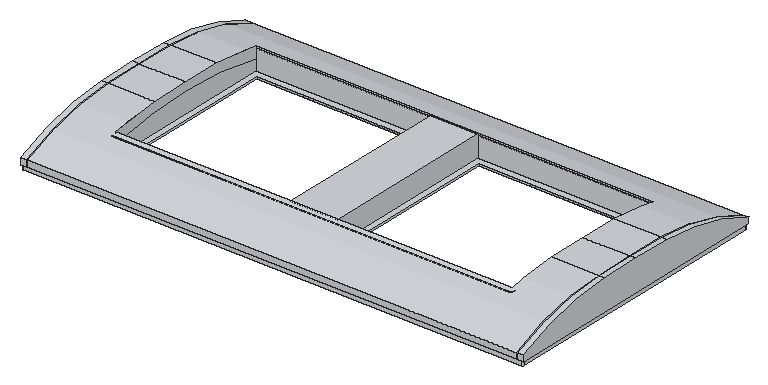
Revit family "Gira_021281", category Electrical Fixtures, host Face, Revit 2017
Family settings
  Host = Face
  Maintain Annotation Orientation = No
  Round Connector Dimension = Use Diameter
  Part Type = Normal
  Cut with Voids When Loaded = No
  Shared = No
  Room Calculation Point = No
Parameters (values of type "Cov.fr. 2-g interm.fr. CAl Gira Event anthra.")
  With mounting grid = "No"
  With hinged lid = "No"
  URL = "http://katalog.gira.de/en/datenblatt.html?artikelnr=021281"
  Type of fastening = "Clamp mounting"
  Transparent = "No"
  Surface protection = "Other"
  Suitable for wall duct = "No"
  Suitable for flush-mounted installation = "Yes"
  Suitable for floor box = "No"
  Suitable for built-in installation = "No"
  Number of units vertical = "2"
  Number of units horizontal = "2"
  Number of units = "2"
  Name = "Cov.fr. 2-g interm.fr. CAl Gira Event anthra."
  Mounting direction = "Horizontal and vertical"
  Material quality = "Thermoplastic"
  Material = "Plastic"
  Manufacturer URL = "https://www.gira.de/"
  Manufacturer = "Gira"
  Label space/information surface = "No"
  Keynote = ""
  HeinzeBIM = "https://bimportal.heinze.de/bim/cov-fr-2-g-interm-fr-cal-gira-event-anthra-/cb81acea35296e33381067339e9f22ec922eac8d"
  Halogen free = "Yes"
  HAN = "021281"
  GTIN = "4010337212812"
  Description = "Cov.fr.2g i.fr.CAl Event AN,Gira Event frames,anthracite with colour aluminium intermediate frame,2-gang,Features:,- Shatter-proof."
  Degree of protection (IP) = "IP21"
  Default Elevation = 1219.2 mm
  Data sheet (1) = "https://katalog.gira.de/en/download.html?artikelnr=021281"
  Colour = "Anthracite"
  Category = "Cover frame for domestic switching devices"
  BIM (1) = "https://media.stage.bim.site/public/gira/36a6b08/Event_Rahmen_2fach.rfa"
  Available = "No"
Reference planes
  plane 1 "Center (Front/Back)": y = 0
  plane 2: z = 0
  plane 3 "Center (Left/Right)": x = 0
Forms (mm)
  Extrusion 1, solid, detail levels fine
    sketch origin (0, 0, 0.05) x (0, 1, 0) y (0, 0, 1)
      loop
        arc (12.445, 9.683) -> (6.223, 9.833) -> (0, 9.85) r 291.636
        arc (0, 9.85) -> (-6.223, 9.833) -> (-12.445, 9.683) r 291.636
        arc (-12.445, 9.683) -> (-29.14, 7.482) -> (-45, 1.823) r 79.728
        line (-45, 1.823) -> (-45, -0.05) -> (-42.086, -0.05)
        arc (-42.086, -0.05) -> (-21.385, 5.559) -> (0, 7.206) r 114.424
        arc (0, 7.206) -> (21.385, 5.559) -> (42.086, -0.05) r 114.424
        line (42.086, -0.05) -> (45, -0.05) -> (45, 1.823)
        arc (45, 1.823) -> (29.14, 7.482) -> (12.445, 9.683) r 79.728
    from -78.55 to 78.55
  Extrusion 2, void, detail levels fine
    sketch origin (0, 0, 0) x (1, 0, 0) y (0, 1, 0)
      loop
        line (-63.55, -27.937) -> (63.55, -27.937) -> (63.55, 28.063) -> (-63.55, 28.063) -> (-63.55, -27.937)
    from 0.724 to 11
  Extrusion 3, solid, detail levels coarse
    sketch origin (0, 0, 0) x (1, 0, 0) y (0, 1, 0)
      loop
        line (-80.55, 45) -> (-80.55, -45) -> (80.55, -45) -> (80.55, 45) -> (-80.55, 45)
    from -1.5 to 9.9
  Extrusion 4, solid, detail levels medium
    sketch origin (0, 0, 0.05) x (0, 1, 0) y (0, 0, 1)
      loop
        arc (12.445, 9.683) -> (6.223, 9.833) -> (0, 9.85) r 291.636
        arc (0, 9.85) -> (-6.223, 9.833) -> (-12.445, 9.683) r 291.636
        arc (-12.445, 9.683) -> (-29.14, 7.482) -> (-45, 1.823) r 79.728
        line (-45, 1.823) -> (-45, -0.05) -> (45, -0.05) -> (45, 1.823)
        arc (45, 1.823) -> (29.14, 7.482) -> (12.445, 9.683) r 79.728
    from -80.55 to 80.55
  Extrusion 5, solid, detail levels fine
    sketch origin (-35.55, 0, -1.5) x (0, 1, 0) y (0, 0, -1)
      loop
        line (45, -3.373) -> (45, -1.5) -> (-45, -1.5) -> (-45, -3.373)
        arc (-45, -3.373) -> (-29.14, -9.032) -> (-12.445, -11.233) r 79.728
        arc (-12.445, -11.233) -> (-6.223, -11.383) -> (0, -11.4) r 291.636
        arc (0, -11.4) -> (6.223, -11.383) -> (12.445, -11.233) r 291.636
        arc (12.445, -11.233) -> (29.14, -9.032) -> (45, -3.373) r 79.728
    from 43 to 45
  Extrusion 6, solid, detail levels fine
    sketch origin (0, 0, 0) x (1, 0, 0) y (0, 1, 0)
      loop
        line (-61.45, 25.7) -> (-61.45, -25.7) -> (-9.65, -25.7) -> (-9.65, 25.7) -> (-61.45, 25.7)
      loop
        line (61.45, -25.7) -> (61.45, 25.7) -> (9.65, 25.7) -> (9.65, -25.7) -> (61.45, -25.7)
      loop
        line (-64.445, 28.49) -> (-64.445, -28.495)
        spline (-64.445, -28.495) -> (-64.436, -28.625) -> (-64.411, -28.754) -> (-64.369, -28.878) -> (-64.311, -28.995) -> (-64.238, -29.104) -> (-64.152, -29.202) -> (-64.054, -29.288) -> (-63.945, -29.361) -> (-63.828, -29.419) -> (-63.704, -29.461) -> (-63.575, -29.486) -> (-63.445, -29.495)
        line (-63.445, -29.495) -> (63.445, -29.495)
        spline (63.445, -29.495) -> (63.575, -29.486) -> (63.704, -29.461) -> (63.828, -29.419) -> (63.945, -29.361) -> (64.054, -29.288) -> (64.152, -29.202) -> (64.238, -29.104) -> (64.311, -28.995) -> (64.369, -28.878) -> (64.411, -28.754) -> (64.436, -28.625) -> (64.445, -28.495)
        line (64.445, -28.495) -> (64.445, 28.49)
        spline (64.445, 28.49) -> (64.436, 28.62) -> (64.411, 28.748) -> (64.369, 28.872) -> (64.311, 28.99) -> (64.238, 29.098) -> (64.152, 29.197) -> (64.054, 29.283) -> (63.945, 29.356) -> (63.828, 29.413) -> (63.704, 29.456) -> (63.575, 29.481) -> (63.445, 29.49)
        line (63.445, 29.49) -> (-63.445, 29.49)
        spline (-63.445, 29.49) -> (-63.575, 29.481) -> (-63.704, 29.456) -> (-63.828, 29.413) -> (-63.945, 29.356) -> (-64.054, 29.283) -> (-64.152, 29.197) -> (-64.238, 29.098) -> (-64.311, 28.99) -> (-64.369, 28.872) -> (-64.411, 28.748) -> (-64.436, 28.62) -> (-64.445, 28.49)
    from 0.1 to 7.3
  Extrusion 7, solid
    sketch origin (0, 0, 0) x (1, 0, 0) y (0, 1, 0)
      loop
        arc (-80.25, -44.2) -> (-80.104, -44.554) -> (-79.75, -44.7) r 0.5
        line (-79.75, -44.7) -> (79.75, -44.7)
        arc (79.75, -44.7) -> (80.104, -44.554) -> (80.25, -44.2) r 0.5
        line (80.25, -44.2) -> (80.25, 44.2)
        arc (80.25, 44.2) -> (80.104, 44.554) -> (79.75, 44.7) r 0.5
        line (79.75, 44.7) -> (-79.75, 44.7)
        arc (-79.75, 44.7) -> (-80.104, 44.554) -> (-80.25, 44.2) r 0.5
        line (-80.25, 44.2) -> (-80.25, -44.2)
      loop
        line (-78.55, 43) -> (-78.55, -43) -> (78.55, -43) -> (78.55, 43) -> (-78.55, 43)
    from -1.5 to 0.5
  Extrusion 8, solid, detail levels fine
    sketch origin (35.55, 0, -1.5) x (0, 1, 0) y (0, 0, 1)
      loop
        arc (45, 3.373) -> (29.14, 9.032) -> (12.445, 11.233) r 79.728
        arc (12.445, 11.233) -> (6.223, 11.383) -> (0, 11.4) r 291.636
        arc (0, 11.4) -> (-6.223, 11.383) -> (-12.445, 11.233) r 291.636
        arc (-12.445, 11.233) -> (-29.14, 9.032) -> (-45, 3.373) r 79.728
        line (-45, 3.373) -> (-45, 1.5) -> (45, 1.5) -> (45, 3.373)
    from 43 to 45
  Extrusion 9, solid, detail levels medium
    sketch origin (0, 0, 0) x (1, 0, 0) y (0, 1, 0)
      loop
        line (-80.25, -44.7) -> (80.25, -44.7) -> (80.25, 44.7) -> (-80.25, 44.7) -> (-80.25, -44.7)
    from -1.5 to 0.5
  Extrusion 10, solid, detail levels fine
    sketch origin (0, 0, 0) x (1, 0, 0) y (0, 1, 0)
      loop
        line (-7.55, 28.063) -> (-7.55, -27.937) -> (7.55, -27.937) -> (7.55, 28.063) -> (-7.55, 28.063)
    from 0.724 to 7.566
Cuts and joins
  Extrusion 2 cuts Extrusion 1
  Extrusion 2 cuts Extrusion 6
Dimensions and locks
  aligned and locked: plane 2 to host face
  aligned and locked: level to host face
